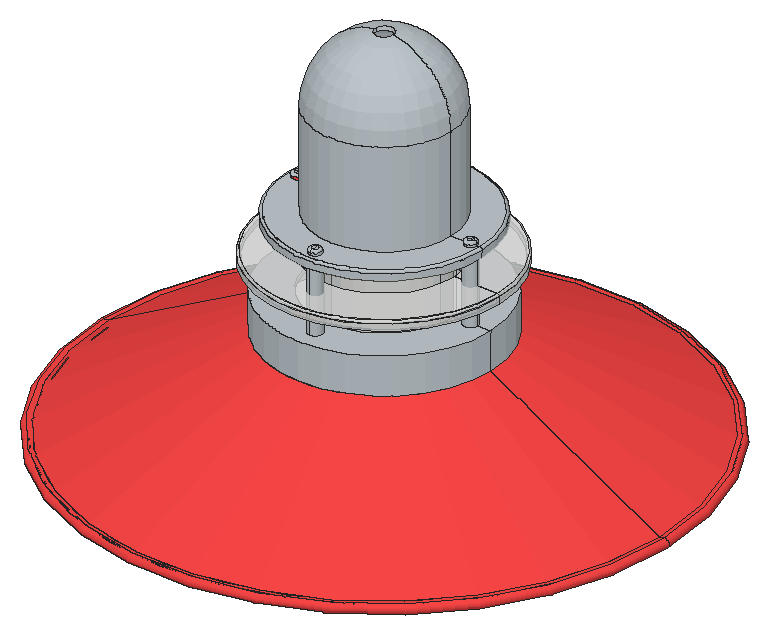
Revit family "UCP16 SHADE", category Lighting Fixtures, Revit 2024
Family settings
  Round Connector Dimension = Use Diameter
  Part Type = Normal
  OmniClass Number = 23.80.70.00
  OmniClass Title = Lighting
  Work Plane-Based = No
  Always vertical = Yes
  Cut with Voids When Loaded = No
  Light Source = Yes
  Maintain Annotation Orientation = No
  Shared = No
  Room Calculation Point = No
Parameters
  Wattage = 9.2903 W
  built-in parameter 1150110 = 1 (stored number, unit not read)
  built-in parameter 1114217 = 1 (stored number, unit not read)
  built-in parameter 1150109 = 1 (stored number, unit not read)
  built-in parameter 1150134 = 3
  built-in parameter 1150113 = 1 (stored number, unit not read)
  built-in parameter 1150105 = 439.27 (stored number, unit not read)
  Lumens = 1380 lm
  built-in parameter 1150115 = 1 (stored number, unit not read)
  Light Source Symbol Size = 2' - 0"
  built-in parameter 1150137 = (empty or 0)
  built-in parameter 1150139 = (empty or 0)
  built-in parameter 1150112 = 1 (stored number, unit not read)
  built-in parameter 1150114 = 1 (stored number, unit not read)
  built-in parameter 1150132 = (empty or 0)
  built-in parameter 1150102 = (empty or 0)
  built-in parameter 1150107 = 3200 (stored number, unit not read)
  built-in parameter 1150138 = (empty or 0)
  built-in parameter 1150106 = 4.3927 (stored number, unit not read)
  built-in parameter 1150104 = 13.8 (stored number, unit not read)
  Dimming Lamp Color Temperature Shift = (empty or 0)
  Default Elevation = 0' - 0"
  Color Filter = 16777215
  built-in parameter 1114218 = 1 (stored number, unit not read)
  built-in parameter 1150133 = 10 (stored number, unit not read)
Reference planes (in)
  plane 1 "Light Source Axis (F/B)": y = 0
  plane 2: z = 0
  plane 3 "Light Source Axis (L/R)": x = 0
  plane 4 "Light Source Elevation": z = 54
Forms (in)
  Revolve 1, solid
    sketch origin (0, 0, 0) x (1, 0, 0) y (0, 0, 1)
      loop
        line (-7.7541, 54.25) -> (-7.875, 54.25)
        arc (-7.875, 54.25) -> (-7.95587, 54.02969) -> (-7.75167, 54.14536) r 0.125
        line (-7.75167, 54.14536) -> (-2.90625, 56.69338) -> (-2.90625, 57.65625) -> (-1.96951, 57.65625) -> (-1.96951, 57.75) -> (-3, 57.75) -> (-3, 56.75) -> (-7.7541, 54.25)
      loop
        line (-3.25, 58.50286) -> (-3.15625, 58.50286) -> (-3.15625, 58.65911) -> (-1.96951, 58.65911) -> (-1.96951, 58.75286) -> (-3.1875, 58.75286)
        arc (-3.1875, 58.75286) -> (-3.23169, 58.73455) -> (-3.25, 58.69036) r 0.0625
        line (-3.25, 58.69036) -> (-3.25, 58.50286)
      loop
        line (-2.75, 59.5) -> (-2.65625, 59.5) -> (-2.65625, 59.65625) -> (-1.78125, 59.65625) -> (-1.78125, 62.375)
        arc (-1.78125, 62.375) -> (-1.34502, 63.54281) -> (-0.25, 64.13862) r 1.78125
        line (-0.25, 64.13862) -> (-0.25, 64.23326)
        arc (-0.25, 64.23326) -> (-1.41145, 63.60928) -> (-1.875, 62.375) r 1.875
        line (-1.875, 62.375) -> (-1.875, 59.75) -> (-2.6875, 59.75)
        arc (-2.6875, 59.75) -> (-2.73169, 59.73169) -> (-2.75, 59.6875) r 0.0625
        line (-2.75, 59.6875) -> (-2.75, 59.5)
      loop
        arc (-1.59997, 55.22497) -> (-1.13135, 54.09362) -> (0, 53.625) r 1.59997
        line (0, 53.625) -> (0, 53.71875)
        arc (0, 53.71875) -> (-1.06506, 54.15991) -> (-1.50622, 55.22497) r 1.50622
        line (-1.50622, 55.22497) -> (-1.50622, 59.62786) -> (-1.59997, 59.62786) -> (-1.59997, 55.22497)
      axis (0, 64.23326) -> (0, 53.625)
    angle from 0 to 360
  Sweep 2, solid
    path origin (0, 0, 1.125) x (1, 0, 0) y (0, 0, 1)
      loop
        line (-2.42975, 56.625) -> (-2.42975, 58.53125)
    profile origin (-2.42975, 0, 58.70312) x (-1, 0, 0) y (0, -1, 0)
      loop
        circle (0, 0) r 0.1875
  Revolve 3, solid
    sketch origin (0, 0, 1.125) x (1, 0, 0) y (0, 0, 1)
      loop
        line (-2.42975, 58.625) -> (-2.42975, 58.742) -> (-2.52759, 58.742)
        arc (-2.52759, 58.742) -> (-2.56967, 58.72457) -> (-2.58711, 58.68248) r 0.05952
        line (-2.58711, 58.68248) -> (-2.58711, 58.625) -> (-2.42975, 58.625)
      axis (-2.42975, 58.742) -> (-2.42975, 58.625)
    angle from 0 to 360
  Sweep 4, solid
    path origin (0, 0, 1.125) x (0, -1, 0) y (0, 0, 1)
      loop
        line (-2.42975, 56.625) -> (-2.42975, 58.53125)
    profile origin (0, 2.42975, 58.70312) x (0, 1, 0) y (-1, 0, 0)
      loop
        circle (0, 0) r 0.1875
  Revolve 5, solid
    sketch origin (0, 0, 1.125) x (0, -1, 0) y (0, 0, 1)
      loop
        line (-2.42975, 58.625) -> (-2.42975, 58.742) -> (-2.52759, 58.742)
        arc (-2.52759, 58.742) -> (-2.56967, 58.72457) -> (-2.58711, 58.68248) r 0.05952
        line (-2.58711, 58.68248) -> (-2.58711, 58.625) -> (-2.42975, 58.625)
      axis (-2.42975, 58.742) -> (-2.42975, 58.625)
    angle from 0 to 360
  Sweep 6, solid
    path origin (0, 0, 1.125) x (0, 1, 0) y (0, 0, 1)
      loop
        line (-2.42975, 56.625) -> (-2.42975, 58.53125)
    profile origin (0, -2.42975, 58.70312) x (0, -1, 0) y (1, 0, 0)
      loop
        circle (0, 0) r 0.1875
  Revolve 7, solid
    sketch origin (0, 0, 1.125) x (0, 1, 0) y (0, 0, 1)
      loop
        line (-2.42975, 58.625) -> (-2.42975, 58.742) -> (-2.52759, 58.742)
        arc (-2.52759, 58.742) -> (-2.56967, 58.72457) -> (-2.58711, 58.68248) r 0.05952
        line (-2.58711, 58.68248) -> (-2.58711, 58.625) -> (-2.42975, 58.625)
      axis (-2.42975, 58.742) -> (-2.42975, 58.625)
    angle from 0 to 360
  Sweep 8, solid
    path origin (0, 0, 1.125) x (-1, 0, 0) y (0, 0, 1)
      loop
        line (-2.42975, 56.625) -> (-2.42975, 58.53125)
    profile origin (2.42975, 0, 58.70312) x (1, 0, 0) y (0, 1, 0)
      loop
        circle (0, 0) r 0.1875
  Revolve 9, solid
    sketch origin (0, 0, 1.125) x (-1, 0, 0) y (0, 0, 1)
      loop
        line (-2.42975, 58.625) -> (-2.42975, 58.742) -> (-2.52759, 58.742)
        arc (-2.52759, 58.742) -> (-2.56967, 58.72457) -> (-2.58711, 58.68248) r 0.05952
        line (-2.58711, 58.68248) -> (-2.58711, 58.625) -> (-2.42975, 58.625)
      axis (-2.42975, 58.742) -> (-2.42975, 58.625)
    angle from 0 to 360
Dimensions and locks (in)
  aligned and locked: level to plane 2
